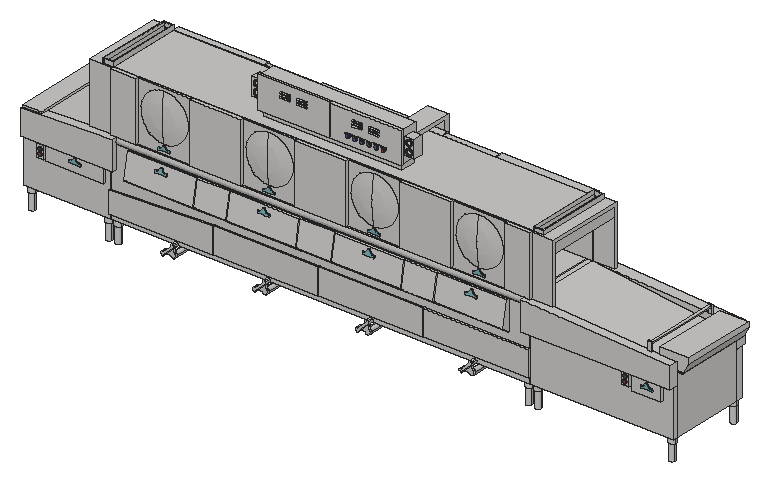
Revit family (continued)
Lines and regions (in)
  symbolic lines, visible <- "Swing Doors"
    curve 67: line (44.65888, -38.25, 65.5) -> (44.65888, -39, 65.5)
    curve 68: line (44.78388, -38.25, 65.5) -> (44.78388, -39, 65.5)
    curve 69: line (44.65888, -38.25, 65.5) -> (33.47138, -38.25, 65.5)
    curve 70: line (33.47138, -39, 65.5) -> (33.47138, -38.25, 65.5)
    curve 71: line (44.78388, -38.25, 65.5) -> (55.97138, -38.25, 65.5)
    curve 72: line (55.97138, -38.25, 65.5) -> (55.97138, -39, 65.5)
    curve 103: line (86.90888, -39, 65.5) -> (86.90888, -40.125, 65.5)
    curve 104: line (87.65888, -39, 65.5) -> (87.65888, -40.125, 65.5)
    curve 105: arc (87.65888, -40.125, 65.5) -> (87.28388, -40.5, 65.5) -> (86.90888, -40.125, 65.5) r 0.375
    curve 106: line (89.78388, -39, 65.5) -> (89.78388, -40.125, 65.5)
    curve 107: line (90.53388, -39, 65.5) -> (90.53388, -40.125, 65.5)
    curve 108: arc (90.53388, -40.125, 65.5) -> (90.15888, -40.5, 65.5) -> (89.78388, -40.125, 65.5) r 0.375
    curve 109: line (77.47138, -39, 65.5) -> (77.47138, -38.25, 65.5)
    curve 110: line (77.47138, -38.25, 65.5) -> (88.65888, -38.25, 65.5)
    curve 111: line (88.65888, -38.25, 65.5) -> (88.65888, -39, 65.5)
    curve 112: line (88.78388, -39, 65.5) -> (88.78388, -38.25, 65.5)
    curve 113: line (88.78388, -38.25, 65.5) -> (99.97138, -38.25, 65.5)
    curve 114: line (99.97138, -38.25, 65.5) -> (99.97138, -39, 65.5)
    curve 122: line (130.90888, -39, 65.5) -> (130.90888, -40.125, 65.5)
    curve 123: line (131.65888, -39, 65.5) -> (131.65888, -40.125, 65.5)
    curve 124: arc (131.65888, -40.125, 65.5) -> (131.28388, -40.5, 65.5) -> (130.90888, -40.125, 65.5) r 0.375
    curve 125: line (133.78388, -39, 65.5) -> (133.78388, -40.125, 65.5)
    curve 126: line (134.53388, -39, 65.5) -> (134.53388, -40.125, 65.5)
    curve 127: arc (134.53388, -40.125, 65.5) -> (134.15888, -40.5, 65.5) -> (133.78388, -40.125, 65.5) r 0.375
    curve 128: line (121.47138, -39, 65.5) -> (121.47138, -38.25, 65.5)
    curve 129: line (121.47138, -38.25, 65.5) -> (132.65888, -38.25, 65.5)
    curve 130: line (132.65888, -38.25, 65.5) -> (132.65888, -39, 65.5)
    curve 131: line (132.78388, -39, 65.5) -> (132.78388, -38.25, 65.5)
    curve 132: line (132.78388, -38.25, 65.5) -> (143.97138, -38.25, 65.5)
    curve 133: line (143.97138, -38.25, 65.5) -> (143.97138, -39, 65.5)
    curve 144: line (42.90888, -39, 65.5) -> (42.90888, -40.125, 65.5)
    curve 145: line (43.65888, -39, 65.5) -> (43.65888, -40.125, 65.5)
    curve 146: arc (43.65888, -40.125, 65.5) -> (43.28388, -40.5, 65.5) -> (42.90888, -40.125, 65.5) r 0.375
    curve 150: line (1.78388, -39, 65.5) -> (1.78388, -40.125, 65.5)
    curve 151: line (2.53388, -39, 65.5) -> (2.53388, -40.125, 65.5)
    curve 152: arc (2.53388, -40.125, 65.5) -> (2.15888, -40.5, 65.5) -> (1.78388, -40.125, 65.5) r 0.375
    curve 154: line (0.65888, -38.25, 65.5) -> (0.65888, -39, 65.5)
    curve 155: line (0.78388, -38.25, 65.5) -> (0.78388, -39, 65.5)
    curve 156: line (0.65888, -38.25, 65.5) -> (-10.52862, -38.25, 65.5)
    curve 157: line (-10.52862, -39, 65.5) -> (-10.52862, -38.25, 65.5)
    curve 158: line (0.78388, -38.25, 65.5) -> (11.97138, -38.25, 65.5)
    curve 159: line (11.97138, -38.25, 65.5) -> (11.97138, -39, 65.5)
    curve 163: line (-1.09112, -39, 65.5) -> (-1.09112, -40.125, 65.5)
    curve 164: line (-0.34112, -39, 65.5) -> (-0.34112, -40.125, 65.5)
    curve 165: arc (-0.34112, -40.125, 65.5) -> (-0.71612, -40.5, 65.5) -> (-1.09112, -40.125, 65.5) r 0.375
  symbolic lines, style "QF_Clearances", visible <- "Swing Doors", detail levels coarse
    curve 66: line (33.47138, -39, 65.5) -> (33.47138, -50.1875, 65.5)
    curve 73: arc (33.47138, -50.1875, 65.5) -> (41.38213, -46.91076, 65.5) -> (44.65888, -39, 65.5) r 11.1875
    curve 74: line (55.97138, -39, 65.5) -> (55.97138, -50.1875, 65.5)
    curve 75: arc (55.97138, -50.1875, 65.5) -> (48.06062, -46.91076, 65.5) -> (44.78388, -39, 65.5) r 11.1875
    curve 115: line (77.47138, -50.1875, 65.5) -> (77.47138, -39, 65.5)
    curve 116: arc (77.47138, -50.1875, 65.5) -> (85.38213, -46.91076, 65.5) -> (88.65888, -39, 65.5) r 11.1875
    curve 117: line (99.97138, -50.1875, 65.5) -> (99.97138, -39, 65.5)
    curve 118: arc (99.97138, -50.1875, 65.5) -> (92.06062, -46.91076, 65.5) -> (88.78388, -39, 65.5) r 11.1875
    curve 134: line (121.47138, -50.1875, 65.5) -> (121.47138, -39, 65.5)
    curve 135: arc (121.47138, -50.1875, 65.5) -> (129.38213, -46.91076, 65.5) -> (132.65888, -39, 65.5) r 11.1875
    curve 136: line (143.97138, -50.1875, 65.5) -> (143.97138, -39, 65.5)
    curve 137: arc (143.97138, -50.1875, 65.5) -> (136.06062, -46.91076, 65.5) -> (132.78388, -39, 65.5) r 11.1875
    curve 153: line (-10.52862, -39, 65.5) -> (-10.52862, -50.1875, 65.5)
    curve 160: arc (-10.52862, -50.1875, 65.5) -> (-2.61787, -46.91076, 65.5) -> (0.65888, -39, 65.5) r 11.1875
    curve 161: line (11.97138, -39, 65.5) -> (11.97138, -50.1875, 65.5)
    curve 162: arc (11.97138, -50.1875, 65.5) -> (4.06062, -46.91076, 65.5) -> (0.78388, -39, 65.5) r 11.1875
  symbolic lines, visible <- "Unload Removable Cover"
    curve 86: line (214.72138, -6, 65.5) -> (219.72138, -6, 65.5)
    curve 87: line (219.72138, -6, 65.5) -> (219.72138, -37.25, 65.5)
    curve 88: line (219.72138, -37.25, 65.5) -> (214.72138, -37.25, 65.5)
    curve 89: line (207.72138, -37.25, 65.5) -> (207.72138, -6, 65.5)
  symbolic lines, style "QF_Surface Details"
    curve 96: line (52.70902, -13.95855, 52.4375) -> (78.70902, -13.95855, 52.4375)
    curve 97: line (78.70902, -13.95855, 52.4375) -> (72.81036, -12.7718, 52.4375)
    curve 98: line (78.70902, -13.95855, 52.4375) -> (72.81036, -15.14531, 52.4375)
  symbolic lines, style "SpecialityEquipment"
    curve 172: line (80.72138, -26, 65.5) -> (80.72138, 0, 65.5)
    curve 173: line (80.72138, 0, 65.5) -> (89.22138, 0, 65.5)
    curve 174: line (89.22138, 0, 65.5) -> (89.22138, -26, 65.5)
Dimensions and locks (in)
  "Depth": plane 5 "FRONT" to plane 1 "BACK"
  "Power Scrapper Width": plane 3 "LEFT" to plane 6 "Right of Power Scrapper"
  "Power Wash Width": plane 6 "Right of Power Scrapper" to plane 7 "Right of Power Wash"
  locked: plane 8 "Load Vent" to plane 3 "LEFT" at 9
  locked: plane 4 "RIGHT" to plane 9 "Unload Vent" at 9
  locked: plane 10 "Top of Machine" to level at 65.5
  locked: plane 11 "Table Height" to level at 34
  locked: plane 13 "Middle of Machine" to level at 40.625
  locked: plane 3 "LEFT" to plane 14 "Left of Bottom" at 2.5
  locked: plane 15 "Right of Bottom" to plane 4 "RIGHT" at 2.5
  locked: plane 12 "Bottom of Machine" to level at 9
  locked: plane 16 to plane 17 at 0.375
  locked: plane 17 to plane 18 at 13.25
  locked: plane 13 "Middle of Machine" to plane 16 at 2.5
  locked: plane 18 to plane 19 at 2.25
  locked: plane 19 to plane 20 at 10.75
  locked: plane 21 "Back of Main Body" to plane 1 "BACK" at 3
  locked: plane 5 "FRONT" to plane 22 "Front of Main Body" at 3
  equal spacing: plane 3 "LEFT", plane 23, plane 6 "Right of Power Scrapper"
  equal spacing: plane 6 "Right of Power Scrapper", plane 24, plane 7 "Right of Power Wash"
  equal spacing: plane 26, plane 24, plane 27
  "Power Wash Door": plane 26 to plane 27
  locked: plane 22 "Front of Main Body" to plane 28 "Front of Inside" at 1.75
  locked: plane 29 "Back of Inside" to plane 21 "Back of Main Body" at 3
  locked: plane 14 "Left of Bottom" to plane 30 at 5.5
  locked: plane 30 to plane 31 at 29
  locked: plane 31 to plane 32 at 0.25
  plane 35 to plane 7 "Right of Power Wash" to plane 36 = 0' - 0 1/8" locked, 0' - 0 1/8" locked
  plane 33 to plane 6 "Right of Power Scrapper" to plane 34 = 0' - 0 1/8" locked, 0' - 0 1/8" locked
  locked: plane 10 "Top of Machine" to plane 37 at 5.25
  locked: plane 38 to plane 10 "Top of Machine" at 1.75
  locked: plane 40 to plane 39 at 4
  locked: plane 39 to plane 3 "LEFT" at 0.125
  locked: plane 42 to plane 41 at 4
  locked: plane 4 "RIGHT" to plane 42 at 0.125
  "Load Section Width": plane 43 to plane 3 "LEFT"
  locked: plane 44 to plane 43 at 2.5
  locked: plane 45 to plane 43 at 1
  plane 43 to plane 46 = 0' - 8"
  locked: plane 13 "Middle of Machine" to plane 47 at 12.125
  locked: plane 47 to plane 48 at 0.5
  locked: plane 48 to plane 49 at 6
  locked: plane 50 to plane 51 at 24
  "ONOFF Switch": plane 43 to plane 53
  locked: plane 53 to plane 52 at 3
  locked: Extrusion 47 sketch curve to plane 53 at 1.5
  locked: Extrusion 48 sketch curve to plane 53 at 1.5
  locked: Extrusion 45 sketch curve to plane 50 at 9.50172
  locked: plane 51 to Extrusion 45 sketch curve at 9.50242
  locked: plane 51 to plane 3 "LEFT" at 2.125
  "Unload Section Width": plane 4 "RIGHT" to plane 54
  locked: plane 54 to plane 55 at 1
  locked: plane 54 to plane 56 at 2.5
  locked: plane 54 to plane 57 at 5
  locked: plane 58 to plane 57 at 12
  locked: plane 59 to plane 54 at 11
  Extrusion 57 sketch curve to plane 59 to Extrusion 57 sketch curve = 0' - 0 3/4" locked, 0' - 0 3/4" locked
  Extrusion 58 sketch curve to plane 59 to Extrusion 58 sketch curve = 0' - 0 3/4" locked, 0' - 0 3/4" locked
  locked: plane 61 to plane 60 at 12
  locked: plane 60 to plane 54 at 4.5
  locked: Extrusion 61 sketch curve to plane 61 at 3.50172
  locked: plane 60 to Extrusion 61 sketch curve at 3.50242
  locked: plane 62 to plane 61 at 1.5
  locked: plane 63 to plane 62 at 3
  locked: plane 48 to Extrusion 62 sketch curve at 5
  locked: Extrusion 63 sketch curve to plane 63 at 1.5
  locked: Extrusion 64 sketch curve to plane 63 at 1.5
  plane 22 "Front of Main Body" to plane 21 "Back of Main Body" = 3' - 0"
  locked: Extrusion 65 sketch curve to plane 21 "Back of Main Body" at 1.9375
  locked: plane 43 to Extrusion 65 sketch curve at 1.9375
  locked: plane 43 to Extrusion 66 sketch curve at 1.9375
  locked: Extrusion 66 sketch curve to plane 21 "Back of Main Body" at 1.9375
  locked: plane 43 to Extrusion 67 sketch curve at 1.9375
  locked: plane 22 "Front of Main Body" to Extrusion 67 sketch curve at 1.9375
  locked: plane 43 to Extrusion 68 sketch curve at 1.9375
  locked: plane 22 "Front of Main Body" to Extrusion 68 sketch curve at 1.9375
  locked: Extrusion 69 sketch curve to plane 3 "LEFT" at 1.9375
  locked: Extrusion 69 sketch curve to plane 21 "Back of Main Body" at 1.9375
  locked: Extrusion 70 sketch curve to plane 3 "LEFT" at 1.9375
  locked: Extrusion 70 sketch curve to plane 21 "Back of Main Body" at 1.9375
  locked: Extrusion 71 sketch curve to plane 3 "LEFT" at 1.9375
  locked: plane 22 "Front of Main Body" to Extrusion 71 sketch curve at 1.9375
  locked: Extrusion 72 sketch curve to plane 3 "LEFT" at 1.9375
  locked: plane 22 "Front of Main Body" to Extrusion 72 sketch curve at 1.9375
  locked: plane 3 "LEFT" to Extrusion 75 sketch curve at 1.9375
  locked: plane 22 "Front of Main Body" to Extrusion 75 sketch curve at 1.9375
  locked: plane 22 "Front of Main Body" to Extrusion 76 sketch curve at 1.9375
  locked: plane 3 "LEFT" to Extrusion 76 sketch curve at 1.9375
  locked: plane 3 "LEFT" to Extrusion 74 sketch curve at 1.9375
  locked: Extrusion 74 sketch curve to plane 21 "Back of Main Body" at 1.9375
  locked: plane 3 "LEFT" to Extrusion 73 sketch curve at 1.9375
  locked: Extrusion 73 sketch curve to plane 21 "Back of Main Body" at 1.9375
  locked: Extrusion 77 sketch curve to plane 4 "RIGHT" at 1.9375
  locked: Extrusion 77 sketch curve to plane 21 "Back of Main Body" at 1.9375
  locked: Extrusion 78 sketch curve to plane 4 "RIGHT" at 1.9375
  locked: Extrusion 78 sketch curve to plane 21 "Back of Main Body" at 1.9375
  locked: plane 4 "RIGHT" to Extrusion 82 sketch curve at 1.9375
  locked: Extrusion 82 sketch curve to plane 21 "Back of Main Body" at 1.9375
  locked: plane 4 "RIGHT" to Extrusion 81 sketch curve at 1.9375
  locked: Extrusion 81 sketch curve to plane 21 "Back of Main Body" at 1.9375
  locked: Extrusion 79 sketch curve to plane 4 "RIGHT" at 1.9375
  locked: plane 22 "Front of Main Body" to Extrusion 79 sketch curve at 1.9375
  locked: plane 22 "Front of Main Body" to Extrusion 80 sketch curve at 1.9375
  locked: Extrusion 80 sketch curve to plane 4 "RIGHT" at 1.9375
  locked: plane 4 "RIGHT" to Extrusion 83 sketch curve at 1.9375
  locked: plane 22 "Front of Main Body" to Extrusion 83 sketch curve at 1.9375
  locked: plane 4 "RIGHT" to Extrusion 84 sketch curve at 1.9375
  locked: plane 22 "Front of Main Body" to Extrusion 84 sketch curve at 1.9375
  locked: Extrusion 85 sketch curve to plane 54 at 1.9375
  locked: Extrusion 85 sketch curve to plane 21 "Back of Main Body" at 1.9375
  locked: Extrusion 86 sketch curve to plane 54 at 1.9375
  locked: Extrusion 86 sketch curve to plane 21 "Back of Main Body" at 1.9375
  locked: plane 22 "Front of Main Body" to Extrusion 88 sketch curve at 1.9375
  locked: Extrusion 88 sketch curve to plane 54 at 1.9375
  locked: Extrusion 87 sketch curve to plane 54 at 1.9375
  locked: plane 22 "Front of Main Body" to Extrusion 87 sketch curve at 1.9375
  locked: plane 22 "Front of Main Body" to plane 64 at 6.5
  locked: plane 64 to plane 65 at 6
  plane 3 "LEFT" to plane 66 = 4' - 11"
  locked: plane 66 to plane 67 at 58
  locked: plane 68 to plane 10 "Top of Machine" at 3
  locked: plane 69 to plane 68 at 2.875
  locked: plane 70 to plane 69 at 7.25
  locked: plane 71 to plane 68 at 13
  equal spacing: plane 66, plane 72, plane 67
  plane 73 to plane 72 to plane 74 = 0' - 0 1/8" locked, 0' - 0 1/8" locked
  locked: plane 75 to plane 66 at 1
  locked: plane 67 to plane 76 at 1
  locked: plane 76 to plane 77 at 4
  locked: plane 78 to plane 75 at 4
  locked: plane 65 to plane 79 "Back of Elec Box" at 0.5
  locked: plane 80 to plane 64 at 0.5
  locked: plane 68 to plane 82 at 0.25
  locked: plane 71 to plane 83 at 0.25
  locked: plane 75 to plane 84 at 0.25
  locked: plane 85 "Right of Control Box" to plane 76 at 0.25
  locked: plane 80 to plane 86 "Front of LR Panels" at 0.75
  locked: plane 86 "Front of LR Panels" to plane 87 at 4
  locked: plane 88 "Drain" to level at 7
  locked: plane 43 to plane 89 "Left Drain" at 17.5
  locked: plane 90 "Right Drain" to plane 54 at 7
  locked: plane 91 "Drain CL" to plane 21 "Back of Main Body" at 17.25
  locked: plane 92 "Utilities" to level at 6
  locked: plane 93 "Cold Water" to plane 3 "LEFT" at 10
  locked: plane 94 "Utility to Machine" to plane 21 "Back of Main Body" at 13.75
  locked: plane 94 "Utility to Machine" to plane 95 "Utilities Point of Connection" at 8.25
  locked: plane 4 "RIGHT" to plane 96 "Building Hot Water" at 36
  locked: Extrusion 128 sketch curve to plane 75 at 2
  locked: Extrusion 128 sketch curve to plane 10 "Top of Machine" at 13
  locked: Extrusion 131 to Extrusion 137 sketch curve at 1
  locked: Extrusion 168 to Extrusion 174 sketch curve at 1
  locked: plane 26 to plane 97 at 0.25
  locked: plane 98 to plane 24 at 0.0625
  locked: plane 24 to plane 99 at 0.0625
  locked: plane 102 to plane 24 at 1.4375
  locked: plane 24 to plane 101 at 1.4375
  locked: plane 100 to plane 27 at 0.25
  locked: plane 103 "Standard Door Clearance" to plane 10 "Top of Machine" at 28
  "Final Rinse Width": plane 7 "Right of Power Wash" to plane 25
  "Final Rinse 2 Width": plane 25 to plane 4 "RIGHT"
  equal spacing: plane 7 "Right of Power Wash", plane 105, plane 25
  equal spacing: plane 25, plane 106, plane 4 "RIGHT"
  "Power Rinse Door": plane 107 to plane 108
  locked: plane 107 to plane 109 at 0.25
  locked: plane 112 to plane 108 at 0.25
  equal spacing: plane 107, plane 105, plane 108
  locked: plane 110 to plane 105 at 0.0625
  locked: plane 105 to plane 111 at 0.0625
  locked: plane 105 to plane 113 at 1.4375
  locked: plane 114 to plane 105 at 1.4375
  locked: plane 115 to plane 25 at 0.125
  locked: plane 25 to plane 116 at 0.125
  "Power Rinse Door": plane 117 to plane 118
  locked: plane 117 to plane 119 at 0.25
  locked: plane 122 to plane 118 at 0.25
  equal spacing: plane 117, plane 106, plane 118
  locked: plane 120 to plane 106 at 0.0625
  locked: plane 106 to plane 121 at 0.0625
  locked: plane 106 to plane 123 at 1.4375
  locked: plane 124 to plane 106 at 1.4375
  "Power Scrapper Door": plane 125 to plane 126
  locked: plane 125 to plane 127 at 0.25
  locked: plane 130 to plane 126 at 0.25
  locked: plane 128 to plane 23 at 0.0625
  locked: plane 23 to plane 129 at 0.0625
  locked: plane 23 to plane 131 at 1.4375
  locked: plane 132 to plane 23 at 1.4375
  equal spacing: plane 125, plane 23, plane 126
  locked: plane 133 to plane 134 at 22.5
  locked: plane 135 to plane 136 at 22.5
  locked: plane 31 to plane 137 at 14
  locked: plane 137 to plane 138 at 29
  locked: plane 138 to plane 139 at 15
  locked: plane 139 to plane 140 at 29
  locked: plane 140 to plane 141 at 14
  locked: plane 141 to plane 142 at 29
  locked: plane 143 to plane 137 at 0.25
  locked: plane 138 to plane 144 at 0.25
  locked: plane 146 to plane 139 at 0.25
  locked: plane 140 to plane 145 at 0.25
  locked: plane 147 to plane 141 at 0.25
  locked: plane 148 to plane 96 "Building Hot Water" at 6
  locked: plane 104 to plane 148 at 6
  aligned and locked: level to plane 2
  aligned and locked: plane 12 "Bottom of Machine" to Extrusion 1 sketch curve
  aligned and locked: plane 3 "LEFT" to Extrusion 1 sketch curve
  aligned and locked: plane 14 "Left of Bottom" to Extrusion 1 sketch curve
  aligned and locked: Extrusion 1 sketch curve to plane 15 "Right of Bottom"
  aligned and locked: Extrusion 1 sketch curve to plane 4 "RIGHT"
  aligned and locked: Extrusion 1 to plane 21 "Back of Main Body"
  aligned and locked: Extrusion 1 sketch curve to plane 16
  aligned and locked: Extrusion 2 sketch curve to plane 13 "Middle of Machine"
  aligned and locked: plane 16 to Extrusion 2 sketch curve
  aligned and locked: plane 21 "Back of Main Body" to Extrusion 2 sketch curve
  aligned and locked: Extrusion 2 to plane 14 "Left of Bottom"
  aligned and locked: plane 3 "LEFT" to Extrusion 3 sketch curve
  aligned and locked: Extrusion 3 sketch curve to plane 22 "Front of Main Body"
  aligned and locked: plane 28 "Front of Inside" to Extrusion 3 sketch curve
  aligned and locked: Extrusion 3 to plane 13 "Middle of Machine"
  aligned and locked: plane 28 "Front of Inside" to Extrusion 4 sketch curve
  aligned and locked: Extrusion 4 sketch curve to plane 26
  aligned and locked: Extrusion 4 sketch curve to plane 22 "Front of Main Body"
  aligned and locked: Extrusion 4 to plane 13 "Middle of Machine"
  aligned and locked: plane 28 "Front of Inside" to Extrusion 5 sketch curve
  aligned and locked: Extrusion 5 sketch curve to plane 22 "Front of Main Body"
  aligned and locked: plane 27 to Extrusion 5 sketch curve
  aligned and locked: Extrusion 6 sketch curve to plane 4 "RIGHT"
  aligned and locked: plane 28 "Front of Inside" to Extrusion 6 sketch curve
  aligned and locked: Extrusion 6 sketch curve to plane 22 "Front of Main Body"
  aligned and locked: Extrusion 5 to plane 13 "Middle of Machine"
  aligned and locked: Extrusion 6 to plane 13 "Middle of Machine"
  aligned and locked: plane 3 "LEFT" to Extrusion 7 sketch curve
  aligned and locked: plane 21 "Back of Main Body" to Extrusion 7 sketch curve
  aligned and locked: Extrusion 7 sketch curve to plane 29 "Back of Inside"
  aligned and locked: Extrusion 8 sketch curve to plane 4 "RIGHT"
  aligned and locked: plane 21 "Back of Main Body" to Extrusion 8 sketch curve
  aligned and locked: Extrusion 8 sketch curve to plane 29 "Back of Inside"
  aligned and locked: Extrusion 7 to plane 13 "Middle of Machine"
  aligned and locked: Extrusion 8 to plane 13 "Middle of Machine"
  aligned and locked: plane 28 "Front of Inside" to Extrusion 9 sketch curve
  aligned and locked: plane 26 to Extrusion 9 sketch curve
  aligned and locked: Extrusion 9 sketch curve to plane 27
  aligned and locked: Extrusion 9 to plane 13 "Middle of Machine"
  aligned and locked: Extrusion 12 to plane 32
  aligned and locked: plane 3 "LEFT" to Extrusion 16 sketch curve
  aligned and locked: plane 20 to Extrusion 16 sketch curve
  aligned and locked: Extrusion 16 sketch curve to plane 33
  aligned and locked: Extrusion 17 sketch curve to plane 35
  aligned and locked: Extrusion 17 sketch curve to plane 19
  aligned and locked: plane 34 to Extrusion 17 sketch curve
  aligned and locked: plane 20 to Extrusion 17 sketch curve
  aligned and locked: Extrusion 18 sketch curve to plane 19
  aligned and locked: plane 20 to Extrusion 18 sketch curve
  aligned and locked: plane 36 to Extrusion 18 sketch curve
  aligned and locked: plane 29 "Back of Inside" to Extrusion 19 sketch curve
  aligned and locked: plane 3 "LEFT" to Extrusion 19 sketch curve
  aligned and locked: Extrusion 19 sketch curve to plane 28 "Front of Inside"
  aligned and locked: Extrusion 19 sketch curve to plane 4 "RIGHT"
  aligned and locked: Extrusion 19 to plane 37
  aligned and locked: plane 13 "Middle of Machine" to Extrusion 20 sketch curve  (x2)
  aligned and locked: Extrusion 20 sketch curve to plane 10 "Top of Machine"
  aligned and locked: Extrusion 20 to plane 8 "Load Vent"
  aligned and locked: plane 40 to Extrusion 21 sketch curve
  aligned and locked: Extrusion 21 sketch curve to plane 39
  aligned and locked: plane 38 to Extrusion 21
  aligned and locked: Extrusion 22 sketch curve to Extrusion 20
  aligned and locked: Extrusion 22 sketch curve to plane 37
  aligned and locked: Extrusion 23 sketch curve to Extrusion 21
  aligned and locked: Extrusion 21 to Extrusion 23 sketch curve
  aligned and locked: Extrusion 24 to Extrusion 26 sketch curve
  aligned and locked: plane 9 "Unload Vent" to Extrusion 24
  aligned and locked: plane 41 to Extrusion 25 sketch curve
  aligned and locked: Extrusion 25 sketch curve to plane 42
  aligned and locked: plane 38 to Extrusion 25
  aligned and locked: plane 37 to Extrusion 26 sketch curve
  aligned and locked: Extrusion 25 to Extrusion 27 sketch curve
  aligned and locked: Extrusion 27 sketch curve to Extrusion 25
  aligned and locked: plane 15 "Right of Bottom" to Extrusion 2
  aligned and locked: plane 43 to Extrusion 35 sketch curve
  aligned and locked: Extrusion 35 sketch curve to plane 14 "Left of Bottom"
  aligned and locked: plane 43 to Extrusion 36 sketch curve
  aligned and locked: Extrusion 36 sketch curve to plane 14 "Left of Bottom"
  aligned and locked: Extrusion 37 sketch curve to plane 44
  aligned and locked: plane 11 "Table Height" to Extrusion 37 sketch curve
  aligned and locked: plane 43 to Extrusion 37 sketch curve
  aligned and locked: plane 28 "Front of Inside" to Extrusion 37
  aligned and locked: Extrusion 38 sketch curve to plane 45
  aligned and locked: plane 43 to Extrusion 38 sketch curve
  aligned and locked: Extrusion 39 sketch curve to plane 45
  aligned and locked: plane 43 to Extrusion 39 sketch curve
  aligned and locked: plane 43 to Extrusion 40 sketch curve
  aligned and locked: Extrusion 40 sketch curve to plane 14 "Left of Bottom"
  aligned and locked: Extrusion 40 sketch curve to plane 13 "Middle of Machine"
  aligned and locked: Extrusion 40 sketch curve to plane 12 "Bottom of Machine"
  aligned and locked: plane 3 "LEFT" to Extrusion 40 sketch curve
  aligned and locked: plane 43 to Extrusion 41 sketch curve
  aligned and locked: plane 46 to Extrusion 41 sketch curve
  aligned and locked: plane 43 to Extrusion 42 sketch curve
  aligned and locked: plane 12 "Bottom of Machine" to Extrusion 42 sketch curve
  aligned and locked: Extrusion 42 sketch curve to plane 3 "LEFT"
  aligned and locked: plane 22 "Front of Main Body" to Extrusion 42
  aligned and locked: plane 28 "Front of Inside" to Extrusion 40
  aligned and locked: plane 43 to Extrusion 43 sketch curve
  aligned and locked: plane 12 "Bottom of Machine" to Extrusion 43 sketch curve
  aligned and locked: Extrusion 43 sketch curve to plane 3 "LEFT"
  aligned and locked: Extrusion 43 to plane 21 "Back of Main Body"
  aligned and locked: plane 47 to Extrusion 35 sketch curve
  aligned and locked: plane 47 to Extrusion 36 sketch curve
  aligned and locked: Extrusion 42 sketch curve to plane 47
  aligned and locked: Extrusion 43 sketch curve to plane 47
  aligned and locked: Extrusion 44 to plane 22 "Front of Main Body"
  aligned and locked: plane 53 to Extrusion 46 sketch curve
  aligned and locked: Extrusion 46 sketch curve to plane 52
  aligned and locked: Extrusion 44 to plane 50
  aligned and locked: plane 51 to Extrusion 44
  aligned and locked: plane 13 "Middle of Machine" to Extrusion 53 sketch curve
  aligned and locked: Extrusion 53 sketch curve to plane 15 "Right of Bottom"
  aligned and locked: Extrusion 53 sketch curve to plane 47
  aligned and locked: plane 4 "RIGHT" to Extrusion 53 sketch curve
  aligned and locked: plane 12 "Bottom of Machine" to Extrusion 53 sketch curve
  aligned and locked: plane 54 to Extrusion 53 sketch curve
  aligned and locked: plane 54 to Extrusion 52 sketch curve
  aligned and locked: Extrusion 52 sketch curve to plane 55
  aligned and locked: Extrusion 51 sketch curve to plane 56
  aligned and locked: plane 54 to Extrusion 51 sketch curve
  aligned and locked: Extrusion 51 sketch curve to plane 11 "Table Height"
  aligned and locked: Extrusion 49 sketch curve to plane 15 "Right of Bottom"
  aligned and locked: Extrusion 49 sketch curve to plane 47
  aligned and locked: plane 54 to Extrusion 49 sketch curve
  aligned and locked: Extrusion 50 sketch curve to plane 15 "Right of Bottom"
  aligned and locked: Extrusion 50 sketch curve to plane 47
  aligned and locked: plane 54 to Extrusion 50 sketch curve
  aligned and locked: Extrusion 54 sketch curve to plane 4 "RIGHT"
  aligned and locked: plane 47 to Extrusion 54 sketch curve
  aligned and locked: Extrusion 54 sketch curve to plane 12 "Bottom of Machine"
  aligned and locked: plane 54 to Extrusion 54 sketch curve
  aligned and locked: Extrusion 55 sketch curve to plane 4 "RIGHT"
  aligned and locked: plane 47 to Extrusion 55 sketch curve
  aligned and locked: plane 54 to Extrusion 55 sketch curve
  aligned and locked: Extrusion 55 sketch curve to plane 12 "Bottom of Machine"
  aligned and locked: plane 13 "Middle of Machine" to Extrusion 56 sketch curve
  aligned and locked: Extrusion 56 sketch curve to plane 58
  aligned and locked: Extrusion 56 sketch curve to plane 57
  aligned and locked: plane 28 "Front of Inside" to Extrusion 56
  aligned and locked: plane 28 "Front of Inside" to Extrusion 59
  aligned and locked: Extrusion 60 sketch curve to plane 48
  aligned and locked: plane 49 to Extrusion 60 sketch curve
  aligned and locked: plane 61 to Extrusion 60 sketch curve
  aligned and locked: Extrusion 60 sketch curve to plane 60
  aligned and locked: plane 63 to Extrusion 62 sketch curve
  aligned and locked: Extrusion 62 sketch curve to plane 62
  aligned and locked: Extrusion 62 sketch curve to plane 48
  aligned and locked: Extrusion 66 to Extrusion 65
  aligned and locked: plane 12 "Bottom of Machine" to Extrusion 66
  aligned and locked: Extrusion 68 to Extrusion 67
  aligned and locked: Extrusion 70 to Extrusion 69
  aligned and locked: Extrusion 72 to Extrusion 71
  aligned and locked: Extrusion 73 to Extrusion 74
  aligned and locked: Extrusion 75 to Extrusion 76
  aligned and locked: Extrusion 78 to Extrusion 77
  aligned and locked: Extrusion 80 to Extrusion 79
  aligned and locked: Extrusion 81 to Extrusion 82
  aligned and locked: Extrusion 83 to Extrusion 84
  aligned and locked: Extrusion 86 to Extrusion 85
  aligned and locked: Extrusion 88 to Extrusion 87
  aligned and locked: plane 65 to Extrusion 89 sketch curve
  aligned and locked: Extrusion 89 sketch curve to plane 64
  aligned and locked: Extrusion 89 sketch curve to plane 67
  aligned and locked: plane 66 to Extrusion 89 sketch curve
  aligned and locked: plane 79 "Back of Elec Box" to Extrusion 90 sketch curve
  aligned and locked: Extrusion 90 sketch curve to plane 80
  aligned and locked: plane 84 to Extrusion 90 sketch curve
  aligned and locked: Extrusion 90 sketch curve to plane 85 "Right of Control Box"
  aligned and locked: Extrusion 90 to plane 68
  aligned and locked: plane 83 to Extrusion 90
  aligned and locked: plane 75 to Extrusion 91 sketch curve
  aligned and locked: Extrusion 91 sketch curve to plane 81 "Front of Panel"
  aligned and locked: Extrusion 91 sketch curve to plane 73
  aligned and locked: plane 74 to Extrusion 92 sketch curve
  aligned and locked: Extrusion 92 sketch curve to plane 81 "Front of Panel"
  aligned and locked: plane 80 to Extrusion 92 sketch curve
  aligned and locked: Extrusion 92 sketch curve to plane 76
  aligned and locked: Extrusion 92 to plane 82
  aligned and locked: Extrusion 91 to plane 82
  aligned and locked: plane 71 to Extrusion 91
  aligned and locked: plane 71 to Extrusion 92
  aligned and locked: plane 87 to Extrusion 93 sketch curve
  aligned and locked: Extrusion 93 sketch curve to plane 84
  aligned and locked: Extrusion 93 sketch curve to plane 86 "Front of LR Panels"
  aligned and locked: plane 78 to Extrusion 93 sketch curve
  aligned and locked: plane 85 "Right of Control Box" to Extrusion 94 sketch curve
  aligned and locked: Extrusion 94 sketch curve to plane 86 "Front of LR Panels"
  aligned and locked: Extrusion 94 sketch curve to plane 77
  aligned and locked: plane 87 to Extrusion 94 sketch curve
  aligned and locked: plane 70 to Extrusion 93
  aligned and locked: plane 70 to Extrusion 94
  aligned and locked: Extrusion 93 to plane 69
  aligned and locked: Extrusion 94 to plane 69
  aligned and locked: Extrusion 96 sketch curve to Extrusion 95  (x2)
  aligned and locked: Extrusion 104 sketch curve to Extrusion 103  (x2)
  aligned and locked: Extrusion 106 sketch curve to Extrusion 105  (x2)
  aligned and locked: Extrusion 108 sketch curve to Extrusion 107  (x2)
  aligned and locked: Extrusion 123 to plane 89 "Left Drain"
  aligned and locked: plane 90 "Right Drain" to Extrusion 123
  aligned and locked: Extrusion 124 sketch curve to Extrusion 123  (x2)
  aligned and locked: Extrusion 125 sketch curve to Extrusion 123  (x2)
  aligned and locked: plane 42 to nested 1
  aligned and locked: plane 29 "Back of Inside" to nested 1
  aligned and locked: Extrusion 139 sketch curve to Extrusion 138  (x2)
  aligned and locked: Extrusion 147 sketch curve to Extrusion 146  (x2)
  aligned and locked: Extrusion 149 sketch curve to Extrusion 148  (x2)
  aligned and locked: Extrusion 151 sketch curve to Extrusion 150  (x2)
  aligned and locked: plane 97 to Extrusion 175 sketch curve
  aligned and locked: Extrusion 175 sketch curve to plane 98
  aligned and locked: Extrusion 175 sketch curve to plane 22 "Front of Main Body"
  aligned and locked: plane 99 to Extrusion 176 sketch curve
  aligned and locked: Extrusion 176 sketch curve to plane 100
  aligned and locked: Extrusion 176 sketch curve to plane 22 "Front of Main Body"
  aligned and locked: Extrusion 175 to plane 13 "Middle of Machine"
  aligned and locked: Extrusion 176 to plane 13 "Middle of Machine"
  aligned and locked: curve 66 to plane 26
  aligned and locked: curve 74 to plane 27
  aligned and locked: plane 26 to Extrusion 183 sketch curve
  aligned and locked: Extrusion 183 sketch curve to plane 27
  aligned and locked: Extrusion 183 sketch curve to plane 22 "Front of Main Body"
  aligned and locked: plane 107 to Extrusion 185 sketch curve
  aligned and locked: Extrusion 185 sketch curve to plane 108
  aligned and locked: plane 109 to Extrusion 187 sketch curve
  aligned and locked: Extrusion 187 sketch curve to plane 110
  aligned and locked: plane 111 to Extrusion 188 sketch curve
  aligned and locked: Extrusion 188 sketch curve to plane 112
  aligned and locked: plane 107 to curve 115
  aligned and locked: plane 108 to curve 117
  aligned and locked: plane 107 to Extrusion 195 sketch curve
  aligned and locked: Extrusion 195 sketch curve to plane 108
  aligned and locked: Extrusion 5 sketch curve to plane 107
  aligned and locked: Extrusion 18 sketch curve to plane 115
  aligned and locked: plane 116 to Extrusion 196 sketch curve
  aligned and locked: Extrusion 196 sketch curve to plane 4 "RIGHT"
  aligned and locked: plane 117 to Extrusion 197 sketch curve
  aligned and locked: Extrusion 197 sketch curve to plane 118
  aligned and locked: plane 119 to Extrusion 199 sketch curve
  aligned and locked: Extrusion 199 sketch curve to plane 120
  aligned and locked: plane 121 to Extrusion 200 sketch curve
  aligned and locked: Extrusion 200 sketch curve to plane 122
  aligned and locked: plane 117 to curve 134
  aligned and locked: plane 118 to curve 136
  aligned and locked: plane 117 to Extrusion 207 sketch curve
  aligned and locked: Extrusion 207 sketch curve to plane 118
  aligned and locked: plane 118 to Extrusion 6 sketch curve
  aligned and locked: plane 108 to Extrusion 208 sketch curve
  aligned and locked: Extrusion 208 sketch curve to plane 117
  aligned and locked: plane 125 to Extrusion 220 sketch curve
  aligned and locked: Extrusion 220 sketch curve to plane 126
  aligned and locked: plane 127 to Extrusion 222 sketch curve
  aligned and locked: Extrusion 222 sketch curve to plane 128
  aligned and locked: plane 129 to Extrusion 223 sketch curve
  aligned and locked: Extrusion 223 sketch curve to plane 130
  aligned and locked: curve 153 to plane 125
  aligned and locked: curve 161 to plane 126
  aligned and locked: plane 125 to Extrusion 230 sketch curve
  aligned and locked: Extrusion 230 sketch curve to plane 126
  aligned and locked: plane 125 to Extrusion 3
  aligned and locked: Extrusion 4 to plane 126
  aligned and locked: plane 133 to Extrusion 233 sketch curve
  aligned and locked: Extrusion 233 sketch curve to plane 134
  aligned and locked: plane 135 to Extrusion 235 sketch curve
  aligned and locked: Extrusion 235 sketch curve to plane 136
Automatic sketch dimensions
  Extrusion 11 sketch curve to Extrusion 11 sketch curve = 0' - 1"
  Extrusion 12 sketch curve to Extrusion 12 sketch curve = 0' - 1"
  Extrusion 13 sketch curve to Extrusion 13 sketch curve = 0' - 1"
  Extrusion 14 sketch curve to Extrusion 14 sketch curve = 0' - 1"
  Extrusion 15 sketch curve to Extrusion 15 sketch curve = 0' - 1"
  Extrusion 11 sketch curve to Extrusion 11 sketch curve = 0' - 2"
  Extrusion 11 sketch curve to Extrusion 11 sketch curve = 0' - 2 5/16"
  Extrusion 11 sketch curve to Extrusion 11 sketch curve = 0' - 10 1/4"
  Extrusion 12 sketch curve to Extrusion 12 sketch curve = 0' - 2"
  Extrusion 12 sketch curve to Extrusion 12 sketch curve = 0' - 2 5/16"
  Extrusion 12 sketch curve to Extrusion 12 sketch curve = 0' - 10 1/4"
  Extrusion 13 sketch curve to Extrusion 13 sketch curve = 0' - 2"
  Extrusion 13 sketch curve to Extrusion 13 sketch curve = 0' - 2 5/16"
  Extrusion 13 sketch curve to Extrusion 13 sketch curve = 0' - 10 1/4"
  Extrusion 14 sketch curve to Extrusion 14 sketch curve = 0' - 2"
  Extrusion 14 sketch curve to Extrusion 14 sketch curve = 0' - 2 5/16"
  Extrusion 14 sketch curve to Extrusion 14 sketch curve = 0' - 10 1/4"
  Extrusion 15 sketch curve to Extrusion 15 sketch curve = 0' - 2"
  Extrusion 15 sketch curve to Extrusion 15 sketch curve = 0' - 2 5/16"
  Extrusion 15 sketch curve to Extrusion 15 sketch curve = 0' - 10 1/4"
  Extrusion 29 sketch curve to Extrusion 29 sketch curve = 0' - 1"
  Extrusion 30 sketch curve to Extrusion 30 sketch curve = 0' - 1"
  Extrusion 31 sketch curve to Extrusion 31 sketch curve = 0' - 1"
  Extrusion 32 sketch curve to Extrusion 32 sketch curve = 0' - 1"
  Extrusion 33 sketch curve to Extrusion 33 sketch curve = 0' - 1"
  Extrusion 29 sketch curve to Extrusion 29 sketch curve = 0' - 2"
  Extrusion 29 sketch curve to Extrusion 29 sketch curve = 0' - 2 5/16"
  Extrusion 29 sketch curve to Extrusion 29 sketch curve = 0' - 10 1/4"
  Extrusion 30 sketch curve to Extrusion 30 sketch curve = 0' - 2"
  Extrusion 30 sketch curve to Extrusion 30 sketch curve = 0' - 2 5/16"
  Extrusion 30 sketch curve to Extrusion 30 sketch curve = 0' - 10 1/4"
  Extrusion 31 sketch curve to Extrusion 31 sketch curve = 0' - 2"
  Extrusion 31 sketch curve to Extrusion 31 sketch curve = 0' - 2 5/16"
  Extrusion 31 sketch curve to Extrusion 31 sketch curve = 0' - 10 1/4"
  Extrusion 32 sketch curve to Extrusion 32 sketch curve = 0' - 2"
  Extrusion 32 sketch curve to Extrusion 32 sketch curve = 0' - 2 5/16"
  Extrusion 32 sketch curve to Extrusion 32 sketch curve = 0' - 10 1/4"
  Extrusion 33 sketch curve to Extrusion 33 sketch curve = 0' - 2"
  Extrusion 33 sketch curve to Extrusion 33 sketch curve = 0' - 2 5/16"
  Extrusion 33 sketch curve to Extrusion 33 sketch curve = 0' - 10 1/4"
  Extrusion 95 sketch curve to Extrusion 95 sketch curve = 0' - 0"  (x4)
  Extrusion 97 sketch curve to Extrusion 97 sketch curve = 0' - 1"  (x5)
  Extrusion 97 sketch curve to Extrusion 97 sketch curve = 0' - 2"  (x6)
  Extrusion 97 sketch curve to Extrusion 97 sketch curve = 0' - 0"  (x5)
  Extrusion 97 sketch curve to Extrusion 97 sketch curve = 0' - 0 1/4"  (x6)
  Extrusion 102 sketch curve to Extrusion 102 sketch curve = 0' - 1 1/2"  (x5)
  Extrusion 102 sketch curve to Extrusion 102 sketch curve = 0' - 0 3/4"  (x6)
  Extrusion 102 sketch curve to Extrusion 102 sketch curve = 0' - 0 7/8"  (x6)
  Extrusion 103 sketch curve to Extrusion 103 sketch curve = 0' - 0"  (x4)
  Extrusion 105 sketch curve to Extrusion 105 sketch curve = 0' - 0"  (x4)
  Extrusion 107 sketch curve to Extrusion 107 sketch curve = 0' - 0"  (x4)
  Extrusion 111 sketch curve to Extrusion 111 sketch curve = 0' - 0 5/8"
  Extrusion 112 sketch curve to Extrusion 112 sketch curve = 0' - 0 5/8"
  Extrusion 113 sketch curve to Extrusion 113 sketch curve = 0' - 0 5/8"
  Extrusion 114 sketch curve to Extrusion 114 sketch curve = 0' - 0 5/8"
  Extrusion 115 sketch curve to Extrusion 115 sketch curve = 0' - 0 5/8"
  Extrusion 116 sketch curve to Extrusion 116 sketch curve = 0' - 0 5/8"
  Extrusion 117 sketch curve to Extrusion 117 sketch curve = 0' - 0 5/8"
  Extrusion 118 sketch curve to Extrusion 118 sketch curve = 0' - 0 5/8"
  Extrusion 119 sketch curve to Extrusion 119 sketch curve = 0' - 0 5/8"
  Extrusion 120 sketch curve to Extrusion 120 sketch curve = 0' - 0 5/8"
  Extrusion 121 sketch curve to Extrusion 121 sketch curve = 0' - 0 5/8"
  Extrusion 122 sketch curve to Extrusion 122 sketch curve = 0' - 0 5/8"
  Extrusion 129 sketch curve to Extrusion 129 sketch curve = 0' - 0"  (x4)
  Extrusion 130 sketch curve to Extrusion 130 sketch curve = 0' - 0"  (x4)
  Extrusion 131 sketch curve to Extrusion 131 sketch curve = 0' - 1 5/8"  (x2)
  Extrusion 131 sketch curve to Extrusion 131 sketch curve = 0' - 1 1/8"
  Extrusion 132 sketch curve to Extrusion 132 sketch curve = 0' - 0 1/2"  (x7)
  Extrusion 132 sketch curve to Extrusion 132 sketch curve = 0' - 0 1/4"  (x4)
  Extrusion 132 sketch curve to Extrusion 132 sketch curve = 0' - 4 1/2"
  Extrusion 133 sketch curve to Extrusion 133 sketch curve = 0' - 1 5/8"  (x2)
  Extrusion 133 sketch curve to Extrusion 133 sketch curve = 0' - 1 1/8"
  Extrusion 134 sketch curve to Extrusion 134 sketch curve = 0' - 0"  (x4)
  Extrusion 135 sketch curve to Extrusion 135 sketch curve = 0' - 0 1/2"  (x7)
  Extrusion 135 sketch curve to Extrusion 135 sketch curve = 0' - 0 1/4"  (x4)
  Extrusion 135 sketch curve to Extrusion 135 sketch curve = 0' - 4 1/2"
  Extrusion 136 sketch curve to Extrusion 136 sketch curve = 0' - 1 5/8"  (x2)
  Extrusion 136 sketch curve to Extrusion 136 sketch curve = 0' - 1 1/8"
  Extrusion 137 sketch curve to Extrusion 137 sketch curve = 0' - 0 1/2"  (x9)
  Extrusion 137 sketch curve to Extrusion 137 sketch curve = 0' - 0 1/4"  (x2)
  Extrusion 137 sketch curve to Extrusion 137 sketch curve = 0' - 4 1/2"
  Extrusion 102 sketch curve to Extrusion 102 sketch curve = 0' - 0"  (x5)
  Extrusion 111 sketch curve to Extrusion 111 sketch curve = 0' - 2 3/4"
  Extrusion 112 sketch curve to Extrusion 112 sketch curve = 0' - 2 3/4"
  Extrusion 113 sketch curve to Extrusion 113 sketch curve = 0' - 2 3/4"
  Extrusion 114 sketch curve to Extrusion 114 sketch curve = 0' - 2 3/4"
  Extrusion 115 sketch curve to Extrusion 115 sketch curve = 0' - 2 3/4"
  Extrusion 116 sketch curve to Extrusion 116 sketch curve = 0' - 2 3/4"
  Extrusion 117 sketch curve to Extrusion 117 sketch curve = 0' - 2 3/4"
  Extrusion 118 sketch curve to Extrusion 118 sketch curve = 0' - 2 3/4"
  Extrusion 119 sketch curve to Extrusion 119 sketch curve = 0' - 2 3/4"
  Extrusion 120 sketch curve to Extrusion 120 sketch curve = 0' - 2 3/4"
  Extrusion 121 sketch curve to Extrusion 121 sketch curve = 0' - 2 3/4"
  Extrusion 122 sketch curve to Extrusion 122 sketch curve = 0' - 2 3/4"
  Extrusion 138 sketch curve to Extrusion 138 sketch curve = 0' - 0"  (x4)
  Extrusion 140 sketch curve to Extrusion 140 sketch curve = 0' - 1"  (x5)
  Extrusion 140 sketch curve to Extrusion 140 sketch curve = 0' - 2"  (x6)
  Extrusion 140 sketch curve to Extrusion 140 sketch curve = 0' - 0"  (x5)
  Extrusion 140 sketch curve to Extrusion 140 sketch curve = 0' - 0 1/4"  (x6)
  Extrusion 145 sketch curve to Extrusion 145 sketch curve = 0' - 1 1/2"  (x5)
  Extrusion 145 sketch curve to Extrusion 145 sketch curve = 0' - 0 3/4"  (x6)
  Extrusion 145 sketch curve to Extrusion 145 sketch curve = 0' - 0 7/8"  (x6)
  Extrusion 146 sketch curve to Extrusion 146 sketch curve = 0' - 0"  (x4)
  Extrusion 148 sketch curve to Extrusion 148 sketch curve = 0' - 0"  (x4)
  Extrusion 150 sketch curve to Extrusion 150 sketch curve = 0' - 0"  (x4)
  Extrusion 154 sketch curve to Extrusion 154 sketch curve = 0' - 0 5/8"
  Extrusion 155 sketch curve to Extrusion 155 sketch curve = 0' - 0 5/8"
  Extrusion 156 sketch curve to Extrusion 156 sketch curve = 0' - 0 5/8"
  Extrusion 157 sketch curve to Extrusion 157 sketch curve = 0' - 0 5/8"
  Extrusion 158 sketch curve to Extrusion 158 sketch curve = 0' - 0 5/8"
  Extrusion 159 sketch curve to Extrusion 159 sketch curve = 0' - 0 5/8"
  Extrusion 160 sketch curve to Extrusion 160 sketch curve = 0' - 0 5/8"
  Extrusion 161 sketch curve to Extrusion 161 sketch curve = 0' - 0 5/8"
  Extrusion 162 sketch curve to Extrusion 162 sketch curve = 0' - 0 5/8"
  Extrusion 163 sketch curve to Extrusion 163 sketch curve = 0' - 0 5/8"
  Extrusion 164 sketch curve to Extrusion 164 sketch curve = 0' - 0 5/8"
  Extrusion 165 sketch curve to Extrusion 165 sketch curve = 0' - 0 5/8"
  Extrusion 145 sketch curve to Extrusion 145 sketch curve = 0' - 0"  (x5)
  Extrusion 154 sketch curve to Extrusion 154 sketch curve = 0' - 2 3/4"
  Extrusion 155 sketch curve to Extrusion 155 sketch curve = 0' - 2 3/4"
  Extrusion 156 sketch curve to Extrusion 156 sketch curve = 0' - 2 3/4"
  Extrusion 157 sketch curve to Extrusion 157 sketch curve = 0' - 2 3/4"
  Extrusion 158 sketch curve to Extrusion 158 sketch curve = 0' - 2 3/4"
  Extrusion 159 sketch curve to Extrusion 159 sketch curve = 0' - 2 3/4"
  Extrusion 160 sketch curve to Extrusion 160 sketch curve = 0' - 2 3/4"
  Extrusion 161 sketch curve to Extrusion 161 sketch curve = 0' - 2 3/4"
  Extrusion 162 sketch curve to Extrusion 162 sketch curve = 0' - 2 3/4"
  Extrusion 163 sketch curve to Extrusion 163 sketch curve = 0' - 2 3/4"
  Extrusion 164 sketch curve to Extrusion 164 sketch curve = 0' - 2 3/4"
  Extrusion 165 sketch curve to Extrusion 165 sketch curve = 0' - 2 3/4"
  Extrusion 131 sketch curve to Extrusion 131 sketch curve = 0' - 0.12054"
  Extrusion 133 sketch curve to Extrusion 133 sketch curve = 0' - 0.12054"
  Extrusion 136 sketch curve to Extrusion 136 sketch curve = 0' - 0.12054"
  Extrusion 166 sketch curve to Extrusion 166 sketch curve = 0' - 0"  (x4)
  Extrusion 167 sketch curve to Extrusion 167 sketch curve = 0' - 0"  (x4)
  Extrusion 168 sketch curve to Extrusion 168 sketch curve = 0' - 1 5/8"  (x2)
  Extrusion 168 sketch curve to Extrusion 168 sketch curve = 0' - 1 1/8"
  Extrusion 169 sketch curve to Extrusion 169 sketch curve = 0' - 0 1/2"  (x7)
  Extrusion 169 sketch curve to Extrusion 169 sketch curve = 0' - 0 1/4"  (x4)
  Extrusion 169 sketch curve to Extrusion 169 sketch curve = 0' - 4 1/2"
  Extrusion 170 sketch curve to Extrusion 170 sketch curve = 0' - 1 5/8"  (x2)
  Extrusion 170 sketch curve to Extrusion 170 sketch curve = 0' - 1 1/8"
  Extrusion 171 sketch curve to Extrusion 171 sketch curve = 0' - 0"  (x4)
  Extrusion 172 sketch curve to Extrusion 172 sketch curve = 0' - 0 1/2"  (x7)
  Extrusion 172 sketch curve to Extrusion 172 sketch curve = 0' - 0 1/4"  (x4)
  Extrusion 172 sketch curve to Extrusion 172 sketch curve = 0' - 4 1/2"
  Extrusion 173 sketch curve to Extrusion 173 sketch curve = 0' - 1 5/8"  (x2)
  Extrusion 173 sketch curve to Extrusion 173 sketch curve = 0' - 1 1/8"
  Extrusion 174 sketch curve to Extrusion 174 sketch curve = 0' - 0 1/2"  (x9)
  Extrusion 174 sketch curve to Extrusion 174 sketch curve = 0' - 0 1/4"  (x2)
  Extrusion 174 sketch curve to Extrusion 174 sketch curve = 0' - 4 1/2"
  Extrusion 168 sketch curve to Extrusion 168 sketch curve = 0' - 0.12054"
  Extrusion 170 sketch curve to Extrusion 170 sketch curve = 0' - 0.12054"
  Extrusion 173 sketch curve to Extrusion 173 sketch curve = 0' - 0.12054"
  Extrusion 209 sketch curve to Extrusion 209 sketch curve = 0' - 2"
  Extrusion 209 sketch curve to Extrusion 209 sketch curve = 0' - 3"
  Extrusion 209 sketch curve to Extrusion 209 sketch curve = 0' - 2 5/16"
  Extrusion 209 sketch curve to Extrusion 209 sketch curve = 0' - 10 1/4"
  Extrusion 210 sketch curve to Extrusion 210 sketch curve = 0' - 2"
  Extrusion 210 sketch curve to Extrusion 210 sketch curve = 0' - 3"
  Extrusion 210 sketch curve to Extrusion 210 sketch curve = 0' - 2 5/16"
  Extrusion 210 sketch curve to Extrusion 210 sketch curve = 0' - 10 1/4"
  Extrusion 213 sketch curve to Extrusion 213 sketch curve = 0' - 0"  (x2)
  Extrusion 214 sketch curve to Extrusion 214 sketch curve = 0' - 0 1/2"  (x9)
  Extrusion 214 sketch curve to Extrusion 214 sketch curve = 0' - 0 1/4"  (x2)
  Extrusion 214 sketch curve to Extrusion 214 sketch curve = 0' - 4 1/2"
  Extrusion 215 sketch curve to Extrusion 215 sketch curve = 0' - 1 5/8"  (x2)
  Extrusion 215 sketch curve to Extrusion 215 sketch curve = 0' - 1 1/8"
  Extrusion 215 sketch curve to Extrusion 215 sketch curve = 0' - 0.12054"
  Extrusion 28 sketch curve to Extrusion 28 sketch curve = 0' - 0.25142"  (x7)
  Extrusion 28 sketch curve to Extrusion 28 sketch curve = 0' - 0.25483"  (x5)
  Extrusion 28 sketch curve to Extrusion 28 sketch curve = 0' - 0.30345"  (x4)
  Extrusion 28 sketch curve to Extrusion 28 sketch curve = 0' - 1.63184"  (x8)
  Extrusion 28 sketch curve to Extrusion 28 sketch curve = 0' - 1.52338"  (x4)
  Extrusion 28 sketch curve to Extrusion 28 sketch curve = 0' - 0.41934"  (x4)
  Extrusion 28 sketch curve to Extrusion 28 sketch curve = 0' - 0.61126"  (x4)
  Extrusion 28 sketch curve to Extrusion 28 sketch curve = 0' - 0.42496"  (x4)
  Extrusion 28 sketch curve to Extrusion 28 sketch curve = 0' - 0"  (x11)
  Extrusion 28 sketch curve to Extrusion 28 sketch curve = 0' - 1.22253"  (x4)
  Extrusion 28 sketch curve to Extrusion 28 sketch curve = 0' - 1.51845"  (x4)
  Extrusion 28 sketch curve to Extrusion 28 sketch curve = 0' - 0.00341"  (x4)
  Extrusion 28 sketch curve to Extrusion 28 sketch curve = 3' - 2.00414"
  Extrusion 28 sketch curve to Extrusion 28 sketch curve = 3' - 3.015"
  Extrusion 28 sketch curve to Extrusion 28 sketch curve = 3' - 2.00409"
  Extrusion 28 sketch curve to Extrusion 28 sketch curve = 0' - 11.90119"  (x4)
  Extrusion 28 sketch curve to Extrusion 28 sketch curve = 0' - 0.08323"  (x4)
  Extrusion 28 sketch curve to Extrusion 28 sketch curve = 0' - 0.48493"  (x8)
  Extrusion 28 sketch curve to Extrusion 28 sketch curve = 0' - 1.96861"  (x4)
  Extrusion 34 sketch curve to Extrusion 34 sketch curve = 0' - 0.25142"  (x7)
  Extrusion 34 sketch curve to Extrusion 34 sketch curve = 0' - 0.25483"  (x5)
  Extrusion 34 sketch curve to Extrusion 34 sketch curve = 0' - 0.30345"  (x4)
  Extrusion 34 sketch curve to Extrusion 34 sketch curve = 0' - 1.63184"  (x8)
  Extrusion 34 sketch curve to Extrusion 34 sketch curve = 0' - 1.52338"  (x4)
  Extrusion 34 sketch curve to Extrusion 34 sketch curve = 0' - 0.41934"  (x4)
  Extrusion 34 sketch curve to Extrusion 34 sketch curve = 0' - 0.61126"  (x4)
  Extrusion 34 sketch curve to Extrusion 34 sketch curve = 0' - 0.42496"  (x4)
  Extrusion 34 sketch curve to Extrusion 34 sketch curve = 0' - 0"  (x11)
  Extrusion 34 sketch curve to Extrusion 34 sketch curve = 0' - 1.22253"  (x4)
  Extrusion 34 sketch curve to Extrusion 34 sketch curve = 0' - 1.51845"  (x4)
  Extrusion 34 sketch curve to Extrusion 34 sketch curve = 0' - 0.00341"  (x4)
  Extrusion 34 sketch curve to Extrusion 34 sketch curve = 3' - 2.00414"
  Extrusion 34 sketch curve to Extrusion 34 sketch curve = 3' - 3.015"
  Extrusion 34 sketch curve to Extrusion 34 sketch curve = 3' - 2.00409"
  Extrusion 34 sketch curve to Extrusion 34 sketch curve = 0' - 11.90119"  (x4)
  Extrusion 34 sketch curve to Extrusion 34 sketch curve = 0' - 0.08323"  (x4)
  Extrusion 34 sketch curve to Extrusion 34 sketch curve = 0' - 0.48493"  (x8)
  Extrusion 34 sketch curve to Extrusion 34 sketch curve = 0' - 1.96861"  (x4)
  Extrusion 1 sketch curve to plane 47 = 0' - 0"  (x2)
  Extrusion 2 sketch curve to plane 22 "Front of Main Body" = 0' - 0"  (x2)
  plane 28 "Front of Inside" to Extrusion 2 sketch curve = 0' - 0.18875"
  Extrusion 3 sketch curve to plane 125 = 0' - 0"
  Extrusion 4 sketch curve to plane 126 = 0' - 0"
  Extrusion 7 sketch curve to plane 133 = 0' - 0"
  Extrusion 8 sketch curve to plane 136 = 0' - 0"
  Extrusion 9 sketch curve to plane 22 "Front of Main Body" = 0' - 0 3/4"
  plane 5 "FRONT" to Revolve 10 sketch curve = 0' - 8"
  plane 22 "Front of Main Body" to Revolve 10 sketch curve = 0' - 0 1/4"
  Revolve 10 sketch curve to plane 22 "Front of Main Body" = 0' - 0 3/4"
  plane 87 to Revolve 10 sketch curve = 0' - 1 1/4"
  Revolve 10 sketch curve to plane 1 "BACK" = 0' - 8.74935"
  Revolve 10 sketch curve to plane 37 = 0' - 5.75174"  (x2)
  Revolve 10 sketch curve to plane 37 = 0' - 5.50167"
  Extrusion 16 sketch curve to plane 19 = 0' - 0"
  Extrusion 16 sketch curve to plane 49 = 0' - 1 5/8"
  Extrusion 20 sketch curve to plane 28 "Front of Inside" = 0' - 0"
  Extrusion 20 sketch curve to plane 29 "Back of Inside" = 0' - 0"
  Extrusion 20 sketch curve to plane 22 "Front of Main Body" = 0' - 0 3/4"
  Extrusion 20 sketch curve to Extrusion 20 sketch curve = 0' - 1"
  Extrusion 20 sketch curve to plane 10 "Top of Machine" = 0' - 1 3/8"
  Extrusion 21 sketch curve to plane 3 "LEFT" = 0' - 0"
  plane 28 "Front of Inside" to Extrusion 21 sketch curve = 0' - 0"
  plane 29 "Back of Inside" to Extrusion 21 sketch curve = 0' - 0"
  plane 28 "Front of Inside" to Extrusion 21 sketch curve = 0' - 0 1/8"
  Extrusion 21 sketch curve to plane 29 "Back of Inside" = 0' - 0 1/8"
  Extrusion 21 sketch curve to plane 40 = 0' - 0 1/8"
  Extrusion 22 sketch curve to plane 28 "Front of Inside" = 0' - 0"
  Extrusion 22 sketch curve to plane 29 "Back of Inside" = 0' - 0"
  plane 28 "Front of Inside" to Extrusion 23 sketch curve = 0' - 0"
  plane 29 "Back of Inside" to Extrusion 23 sketch curve = 0' - 0"
  Extrusion 24 sketch curve to plane 13 "Middle of Machine" = 0' - 0"  (x2)
  Extrusion 24 sketch curve to plane 10 "Top of Machine" = 0' - 0"
  Extrusion 24 sketch curve to plane 28 "Front of Inside" = 0' - 0"
  Extrusion 24 sketch curve to plane 29 "Back of Inside" = 0' - 0"
  Extrusion 24 sketch curve to plane 22 "Front of Main Body" = 0' - 0 3/4"
  Extrusion 24 sketch curve to plane 29 "Back of Inside" = 0' - 1"
  Extrusion 24 sketch curve to plane 10 "Top of Machine" = 0' - 1 3/8"
  Extrusion 25 sketch curve to plane 4 "RIGHT" = 0' - 0"
  plane 28 "Front of Inside" to Extrusion 25 sketch curve = 0' - 0"
  plane 29 "Back of Inside" to Extrusion 25 sketch curve = 0' - 0"
  Extrusion 25 sketch curve to plane 28 "Front of Inside" = 0' - 0 1/8"
  plane 29 "Back of Inside" to Extrusion 25 sketch curve = 0' - 0 1/8"
  Extrusion 25 sketch curve to plane 41 = 0' - 0 1/8"
  Extrusion 26 sketch curve to plane 28 "Front of Inside" = 0' - 0"
  Extrusion 26 sketch curve to plane 29 "Back of Inside" = 0' - 0"
  plane 28 "Front of Inside" to Extrusion 27 sketch curve = 0' - 0"
  plane 29 "Back of Inside" to Extrusion 27 sketch curve = 0' - 0"
  Extrusion 35 sketch curve to plane 13 "Middle of Machine" = 0' - 0"
  plane 16 to Extrusion 35 sketch curve = 0' - 0 5/8"
  Extrusion 36 sketch curve to plane 13 "Middle of Machine" = 0' - 0"
  plane 16 to Extrusion 36 sketch curve = 0' - 0 5/8"
  Extrusion 37 sketch curve to plane 11 "Table Height" = 0' - 0 1/8"
  Extrusion 38 sketch curve to plane 11 "Table Height" = 0' - 1 1/2"
  Extrusion 38 sketch curve to plane 11 "Table Height" = 0' - 0 1/8"
  Extrusion 39 sketch curve to plane 48 = 0' - 0"
  Extrusion 39 sketch curve to plane 11 "Table Height" = 0' - 2"
  Extrusion 40 sketch curve to plane 3 "LEFT" = 0' - 0"
  Extrusion 40 sketch curve to plane 47 = 0' - 0"
  Extrusion 40 sketch curve to plane 11 "Table Height" = 0' - 0"
  plane 16 to Extrusion 41 sketch curve = 0' - 0 5/8"
  plane 16 to Extrusion 41 sketch curve = 0' - 1.01335"
  Extrusion 41 sketch curve to Extrusion 41 sketch curve = 0' - 0.75088"
  Extrusion 41 sketch curve to plane 13 "Middle of Machine" = 0' - 0.73577"
  Extrusion 44 sketch curve to plane 49 = 0' - 0"
  Extrusion 44 sketch curve to plane 50 = 0' - 0"
  Extrusion 44 sketch curve to plane 51 = 0' - 0"
  Extrusion 44 sketch curve to plane 48 = 0' - 0"
  Extrusion 45 sketch curve to Extrusion 45 sketch curve = 0' - 0.25142"  (x2)
  Extrusion 45 sketch curve to Extrusion 45 sketch curve = 0' - 0.25483"  (x2)
  Extrusion 45 sketch curve to plane 48 = 0' - 0.46498"  (x2)
  Extrusion 45 sketch curve to Extrusion 45 sketch curve = 0' - 0.30345"
  plane 18 to Extrusion 45 sketch curve = 0' - 0.59419"  (x2)
  Extrusion 45 sketch curve to Extrusion 45 sketch curve = 0' - 1.63184"
  Extrusion 45 sketch curve to Extrusion 45 sketch curve = 0' - 1.52338"
  Extrusion 45 sketch curve to Extrusion 45 sketch curve = 0' - 0.41934"
  plane 20 to Extrusion 45 sketch curve = 0' - 1.60977"
  Extrusion 45 sketch curve to plane 93 "Cold Water" = 0' - 4.12535"
  Extrusion 45 sketch curve to Extrusion 45 sketch curve = 0' - 0.42496"
  Extrusion 45 sketch curve to Extrusion 45 sketch curve = 0' - 0"
  Extrusion 45 sketch curve to Extrusion 45 sketch curve = 0' - 1.51845"
  plane 18 to Extrusion 45 sketch curve = 0' - 0.51096"  (x2)
  Extrusion 45 sketch curve to Extrusion 45 sketch curve = 0' - 0.48493"
  Extrusion 46 sketch curve to plane 19 = 0' - 0"
  Extrusion 46 sketch curve to plane 48 = 0' - 0 3/4"
  plane 18 to Extrusion 47 sketch curve = 0' - 1 1/4"
  Extrusion 48 sketch curve to plane 18 = 0' - 0 3/4"
  Extrusion 49 sketch curve to plane 13 "Middle of Machine" = 0' - 0"
  plane 17 to Extrusion 49 sketch curve = 0' - 0 1/4"
  Extrusion 50 sketch curve to plane 13 "Middle of Machine" = 0' - 0"
  plane 17 to Extrusion 50 sketch curve = 0' - 0 1/4"
  plane 11 "Table Height" to Extrusion 51 sketch curve = 0' - 0 1/8"
  plane 11 "Table Height" to Extrusion 52 sketch curve = 0' - 1 1/2"
  plane 11 "Table Height" to Extrusion 52 sketch curve = 0' - 0 1/8"
  Extrusion 53 sketch curve to plane 4 "RIGHT" = 0' - 0"
  Extrusion 53 sketch curve to plane 11 "Table Height" = 0' - 0"
  Extrusion 56 sketch curve to plane 16 = 0' - 0"
  plane 56 to Extrusion 56 sketch curve = 0' - 0 1/2"
  plane 11 "Table Height" to Extrusion 56 sketch curve = 0' - 0 1/2"
  Extrusion 57 sketch curve to plane 16 = 0' - 0.1125"
  Extrusion 57 sketch curve to plane 16 = 0' - 0.0375"
  plane 13 "Middle of Machine" to Extrusion 57 sketch curve = 0' - 0 7/8"
  Extrusion 58 sketch curve to plane 16 = 0' - 0.1125"
  Extrusion 58 sketch curve to plane 16 = 0' - 0.0375"
  plane 13 "Middle of Machine" to Extrusion 58 sketch curve = 0' - 0 7/8"
  Extrusion 59 sketch curve to plane 59 = 0' - 0"
  plane 13 "Middle of Machine" to Extrusion 59 sketch curve = 0' - 0 1/8"
  Extrusion 61 sketch curve to Extrusion 61 sketch curve = 0' - 0.25142"  (x2)
  Extrusion 61 sketch curve to Extrusion 61 sketch curve = 0' - 0.25483"  (x2)
  Extrusion 61 sketch curve to plane 58 = 0' - 1.55729"
  plane 18 to Extrusion 61 sketch curve = 0' - 0.09419"  (x2)
  plane 59 to Extrusion 61 sketch curve = 0' - 1.11091"
  plane 59 to Extrusion 61 sketch curve = 0' - 0.91934"
  Extrusion 61 sketch curve to Extrusion 61 sketch curve = 0' - 0.41934"
  plane 59 to Extrusion 61 sketch curve = 0' - 0.49965"
  plane 59 to Extrusion 61 sketch curve = 0' - 0.07504"
  Extrusion 61 sketch curve to Extrusion 61 sketch curve = 0' - 0"
  Extrusion 61 sketch curve to plane 59 = 0' - 1.44342"
  plane 18 to Extrusion 61 sketch curve = 0' - 0.01096"  (x2)
  plane 20 to Extrusion 61 sketch curve = 0' - 1.10977"
  Extrusion 61 sketch curve to Extrusion 61 sketch curve = 0' - 0.48493"  (x2)
  Extrusion 61 sketch curve to plane 48 = 0' - 1.43719"
  Extrusion 63 sketch curve to plane 48 = 0' - 1 1/2"
  Extrusion 64 sketch curve to plane 18 = 0' - 0"
  plane 80 to Extrusion 91 sketch curve = 0' - 0"
  curve 98 to plane 146 = 0' - 0.66102"
  curve 98 to plane 94 "Utility to Machine" = 0' - 1.60469"
  plane 109 to curve 97 = 0' - 0.98765"
  curve 97 to plane 94 "Utility to Machine" = 0' - 2.79145"
  curve 97 to plane 146 = 0' - 0.66102"
  curve 98 to curve 97 = 0' - 2.37351"
  curve 96 to plane 100 = 0' - 3.01235"
  Extrusion 123 sketch curve to Extrusion 123 sketch curve = 0' - 0"  (x2)
  Extrusion 123 sketch curve to plane 88 "Drain" = 0' - 0"
